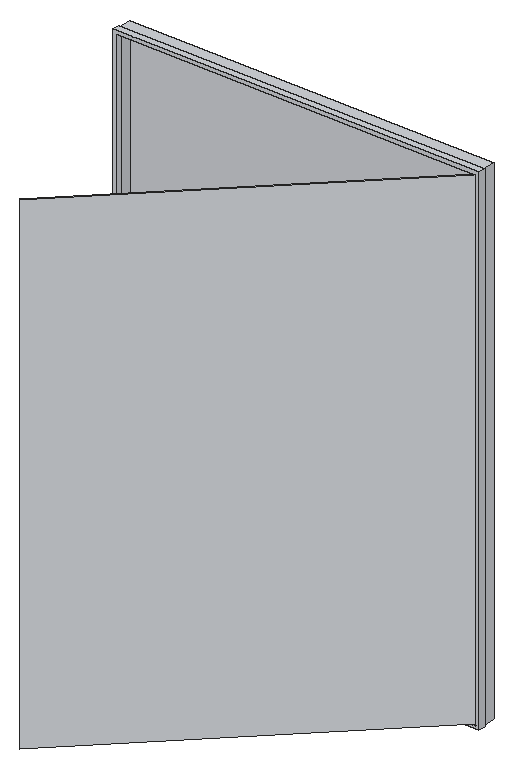
Revit family "Hager-Pablo-IP40-Plain_Door-vuoto-NoHosted-IT-it", category Electrical Equipment, Revit 2020
Family settings
  Panel Configuration = Two Columns, Circuits Across
  Round Connector Dimension = Use Diameter
  Part Type = Panelboard
  Work Plane-Based = Yes
  Always vertical = Yes
  Cut with Voids When Loaded = No
  Shared = No
  Room Calculation Point = No
Parameters (values of type "Incassato IP40 L460 A725 P25 18 Unità di divisione - B04949")
  Width Control [instance] = if([HG000006 - Ad incasso], if([EF000846 - larghezza di montaggio] > min_whd, [EF000846 - larghezza di montaggio], min_whd), if([EF000008 - Larghezza] > min_whd, ([EF000008 - Larghezza]), min_whd))  # 460 mm
  Void Depth [instance] = if([EF000218 - profondità di incasso] > 1 mm, [EF000218 - profondità di incasso], 1 mm)  # 16 mm
  Type Comments = [HG000003 - Gamma]  # "Pablo"
  System Height [instance] = Height Control - 2 * [HG000005 - Spessore]  # 624 mm
  Panel Name [instance] = ""  # (empty or 0)
  Offset [instance] = 0 mm
  Model = [HG000004 - Codice produttore]  # "B04949"
  Level Offset [instance] = [Flush Mounted - Door Frame Width] + Offset  # 95 mm
  HG000017 - Distanza tra i poli = 18 mm
  HG000016 - Visibilità delle porte nella vista 3D [instance] = yes
  HG000015 - Visibilità attraverso la porta [instance] = no
  HG000014 - Porta destra [instance] = yes
  HG000013 - Porta sinistra [instance] = not([HG000014 - Porta destra])  # no
  HG000012 - Angolo di apertura della porta [instance] = 45.00°
  HG000011 - File vuote nella parte basse = no
  HG000010 - Porte asimmetriche = no
  HG000009 - Porta doppia a battente = no
  HG000008 - Numero di file vuote = 0
  HG000007 - Numero di colonne vuote = 0
  HG000006 - Ad incasso = yes
  HG000005 - Spessore = 3 mm  # constant formula
  HG000004 - Codice produttore = "B04949"
  HG000003 - Gamma = "Pablo"
  HG000002 - Con porta = yes
  HG000001 - Numero di colonne = 0
  EF015941 - Segnale di passaggio porta = no
  EF015777 - Morsettiera neutra = no
  EF015776 - Morsettiera di terra = no
  EF009212 - esecuzione coperchio = "EV000116 - chiuso"
  EF006306 - con serratura = no
  EF006244 - coperchio/porta trasparente = no
  EF005474 - grado di protezione (IP) = "EV006415 - IP40"
  EF004462 - tipo di chiusura = "EV001412 - cilindro"
  EF002950 - Numero moduli DIN = 18
  EF001596 - Attacco Lampada = "EV000139 - plastica"
  EF001134 - barra DIN = yes
  EF001131 - profondità interna = 16 mm
  EF001088 - possibilità di applicazione = yes
  EF001062 - esecuzione EMC = no
  EF000846 - larghezza di montaggio = 460 mm
  EF000339 - tipo di copertura = "EV004216 - porta"
  EF000332 - Altezza della parte incassata = 630 mm
  EF000266 - numero di file = 4
  EF000218 - profondità di incasso = 16 mm
  EF000118 - con piastra di montaggio = no
  EF000116 - numero RAL = "9016"
  EF000049 - profondità = 25 mm
  EF000040 - Altezza = 725 mm
  EF000008 - Larghezza = 460 mm
  EF000007 - colore = "EV000202 - bianco"
  EF000003 - Tipo di montaggio = "EV001247 - apparente/incassato"
  Description = ""
  Default Elevation = 1219.2 mm
  Arrow Offset [instance] = Depth Control / 8  # 2 mm
  Arrow Height [instance] = Depth Control - Arrow Offset  # 14 mm
  Host Offset [instance] = if([HG000006 - Ad incasso], 0 mm, [EF000049 - profondità])  # 0 mm
  min_whd [instance] = (2 * [HG000005 - Spessore]) + 1 mm  # 7 mm
  Manufacturer = "Hager"  # constant formula
  Height Control [instance] = if([HG000006 - Ad incasso], if([EF000332 - Altezza della parte incassata] > min_whd, [EF000332 - Altezza della parte incassata], min_whd), if([EF000040 - Altezza] > min_whd, ([EF000040 - Altezza]), min_whd))  # 630 mm
  Flush Mounted - Door Frame Width [instance] = if(([EF000040 - Altezza] - [EF000332 - Altezza della parte incassata]) > 0 mm, if([HG000006 - Ad incasso], [EF000040 - Altezza] - [EF000332 - Altezza della parte incassata], 0 mm), 0 mm)  # 95 mm
  Depth Control [instance] = if([HG000006 - Ad incasso], if([EF000218 - profondità di incasso] > 0 mm, [EF000218 - profondità di incasso], 1 mm), if([EF000049 - profondità] > 0 mm, ([EF000049 - profondità]), 1 mm))  # 16 mm
Types (18, lengths in mm): name | Width Control | System Height | Model | Level Offset | HG000006 - Ad incasso | HG000004 - Codice produttore | EF002950 - Numero moduli DIN | EF000846 - larghezza di montaggio | EF000332 - Altezza della parte incassata | EF000266 - numero di file | EF000040 - Altezza | EF000008 - Larghezza | Arrow Offset | Arrow Height | Host Offset | Height Control | Flush Mounted - Door Frame Width | Depth Control
  A parete IP40 L175 A191 P25 4 Unità di divisione - B04941 | 175 | 185 | "B04941" | 0 | no | "B04941" | 4 | 175 | 160 | 1 | 191 | 175 | 3.125 | 21.875 | 25 | 191 | 0 | 25
  A parete IP40 L211 A191 P25 6 Unità di divisione - B04942 | 211 | 185 | "B04942" | 0 | no | "B04942" | 6 | 211 | 160 | 1 | 191 | 211 | 3.125 | 21.875 | 25 | 191 | 0 | 25
  A parete IP40 L280 A235 P25 8 Unità di divisione - B04943 | 280 | 229 | "B04943" | 0 | no | "B04943" | 8 | 280 | 160 | 1 | 235 | 280 | 3.125 | 21.875 | 25 | 235 | 0 | 25
  A parete IP40 L352 A275 P25 12 Unità di divisione - B04944 | 352 | 269 | "B04944" | 0 | no | "B04944" | 12 | 352 | 160 | 1 | 275 | 352 | 3.125 | 21.875 | 25 | 275 | 0 | 25
  A parete IP40 L352 A425 P25 12 Unità di divisione - B04946 | 352 | 419 | "B04946" | 0 | no | "B04946" | 12 | 352 | 405 | 2 | 425 | 352 | 3.125 | 21.875 | 25 | 425 | 0 | 25
  A parete IP40 L352 A575 P25 12 Unità di divisione - B04947 | 352 | 569 | "B04947" | 0 | no | "B04947" | 12 | 352 | 405 | 3 | 575 | 352 | 3.125 | 21.875 | 25 | 575 | 0 | 25
  A parete IP40 L460 A275 P25 18 Unità di divisione - B04945 | 460 | 269 | "B04945" | 0 | no | "B04945" | 18 | 460 | 160 | 1 | 275 | 460 | 3.125 | 21.875 | 25 | 275 | 0 | 25
  A parete IP40 L460 A575 P25 18 Unità di divisione - B04948 | 460 | 569 | "B04948" | 0 | no | "B04948" | 18 | 460 | 405 | 3 | 575 | 460 | 3.125 | 21.875 | 25 | 575 | 0 | 25
  A parete IP40 L460 A725 P25 18 Unità di divisione - B04949 | 460 | 719 | "B04949" | 0 | no | "B04949" | 18 | 460 | 630 | 4 | 725 | 460 | 3.125 | 21.875 | 25 | 725 | 0 | 25
  Incassato IP40 L175 A191 P25 4 Unità di divisione - B04941 | 175 | 154 | "B04941" | 31 | yes | "B04941" | 4 | 175 | 160 | 1 | 191 | 175 | 2 | 14 | 0 | 160 | 31 | 16
  Incassato IP40 L211 A191 P25 6 Unità di divisione - B04942 | 211 | 154 | "B04942" | 31 | yes | "B04942" | 6 | 211 | 160 | 1 | 191 | 211 | 2 | 14 | 0 | 160 | 31 | 16
  Incassato IP40 L280 A235 P25 8 Unità di divisione - B04943 | 280 | 154 | "B04943" | 75 | yes | "B04943" | 8 | 280 | 160 | 1 | 235 | 280 | 2 | 14 | 0 | 160 | 75 | 16
  Incassato IP40 L352 A275 P25 12 Unità di divisione - B04944 | 352 | 154 | "B04944" | 115 | yes | "B04944" | 12 | 352 | 160 | 1 | 275 | 352 | 2 | 14 | 0 | 160 | 115 | 16
  Incassato IP40 L352 A425 P25 12 Unità di divisione - B04946 | 352 | 399 | "B04946" | 20 | yes | "B04946" | 12 | 352 | 405 | 2 | 425 | 352 | 2 | 14 | 0 | 405 | 20 | 16
  Incassato IP40 L352 A575 P25 12 Unità di divisione - B04947 | 352 | 399 | "B04947" | 170 | yes | "B04947" | 12 | 352 | 405 | 3 | 575 | 352 | 2 | 14 | 0 | 405 | 170 | 16
  Incassato IP40 L460 A275 P25 18 Unità di divisione - B04945 | 460 | 154 | "B04945" | 115 | yes | "B04945" | 18 | 460 | 160 | 1 | 275 | 460 | 2 | 14 | 0 | 160 | 115 | 16
  Incassato IP40 L460 A575 P25 18 Unità di divisione - B04948 | 460 | 399 | "B04948" | 170 | yes | "B04948" | 18 | 460 | 405 | 3 | 575 | 460 | 2 | 14 | 0 | 405 | 170 | 16
  Incassato IP40 L460 A725 P25 18 Unità di divisione - B04949 | 460 | 624 | "B04949" | 95 | yes | "B04949" | 18 | 460 | 630 | 4 | 725 | 460 | 2 | 14 | 0 | 630 | 95 | 16
Reference planes
  plane 1 "Center (Front/Back)": y = 0
  plane 2: z = 0
  plane 3 "Center (Left/Right)": x = 0
  plane 4: y = 98
  plane 5: y = 16
  plane 6: y = 95
  plane 7: z = 0
  plane 8: x = -230
  plane 9: x = 230
  plane 10: x = 227
  plane 11: x = -227
  plane 12: z = 95
  plane 13: z = 98
  plane 14: y = 5
  plane 15: y = 0
  plane 16: y = 13
  plane 17: z = 722
  plane 18: z = 725
  plane 19: z = 410
  plane 20: x = 0
  plane 21: y = -100
Forms (mm)
  Extrusion 1, solid
    sketch origin (-208.679, -4572, 95) x (-1, 0, 0) y (0, -1, 0)
      loop
        line (21.321, -4572) -> (-438.679, -4572) -> (-438.679, -4588) -> (21.321, -4588) -> (21.321, -4572)
    from 0 to 630 <- "Height Control"
  Extrusion 2, void
    sketch origin (-350.771, 0, 1219.2) x (1, 0, 0) y (0, 0, 1)
      loop
        line (123.771, -497.2) -> (123.771, -1121.2) -> (577.771, -1121.2) -> (577.771, -497.2) -> (123.771, -497.2)
    from 0 to -13
  Extrusion 3, solid, detail levels coarse+medium
    sketch origin (-350.771, 0, 1219.2) x (-1, 0, 0) y (0, 0, 1)
      loop
        line (-123.771, -497.2) -> (-577.771, -497.2) -> (-577.771, -1121.2) -> (-123.771, -1121.2) -> (-123.771, -497.2)
    from 0 to 3 <- "HG000005 - Spessore"
Cuts and joins
  Extrusion 2 cuts Extrusion 1
Dimensions and locks
  "Flush Mounted - Door Frame Width": plane 1 "Center (Front/Back)" to plane 6
  "HG000005 - Spessore": plane 4 to plane 6
  "HG000005 - Spessore": plane 8 to plane 11
  "HG000005 - Spessore": plane 9 to plane 10
  equal spacing: plane 8, plane 3 "Center (Left/Right)", plane 9
  "Width Control": plane 8 to plane 9
  locked: plane 14 to plane 15 at 5
  "Host Offset": plane 1 "Center (Front/Back)" to plane 15
  "Depth Control": plane 5 to plane 15
  "HG000005 - Spessore": plane 5 to plane 16
  "HG000005 - Spessore": plane 13 to plane 12
  "Level Offset": plane 12 to level
  "HG000005 - Spessore": plane 18 to plane 17
  "Height Control": plane 18 to plane 12
  "Arrow Offset": plane 5 to nested 4
  equal spacing: plane 18, plane 19, plane 12
  locked: connector elem to plane 19
  locked: connector elem to plane 3 "Center (Left/Right)"
  aligned and locked: nested 1 to plane 14
  aligned and locked: plane 3 "Center (Left/Right)" to nested 1
  aligned and locked: plane 3 "Center (Left/Right)" to nested 2
  aligned and locked: nested 2 to plane 15
  aligned and locked: plane 5 to Extrusion 1
  aligned and locked: Extrusion 3 sketch curve to plane 17
  aligned and locked: Extrusion 3 sketch curve to plane 11
  aligned and locked: Extrusion 3 sketch curve to plane 13
  aligned and locked: Extrusion 3 sketch curve to plane 10
  aligned and locked: Extrusion 2 sketch curve to plane 13
  aligned and locked: Extrusion 2 sketch curve to plane 10
  aligned and locked: Extrusion 2 sketch curve to plane 17
  aligned and locked: Extrusion 2 sketch curve to plane 11
  aligned and locked: plane 16 to Extrusion 2
  aligned and locked: plane 5 to Extrusion 1 sketch curve
  aligned and locked: plane 9 to Extrusion 1 sketch curve
  aligned and locked: plane 8 to Extrusion 1 sketch curve
  aligned and locked: plane 8 to nested 4
  aligned and locked: plane 8 to nested 3
  aligned and locked: nested 3 to plane 5
  aligned and locked: Extrusion 1 sketch curve to plane 15
  aligned and locked: Extrusion 2 to plane 15
Nested families
  nested 1: "Hager_Enclosure_System" at (0, 5, 98), Flush_Mounted <- "HG000006 - Ad incasso", Width <- "EF000008 - Larghezza", Height <- "System Height", Width_Control <- "Width Control", Row_Module_Multiplicator <- "EF002950 - Numero moduli DIN", Empty_Columns <- "HG000007 - Numero di colonne vuote", Built-in_Width <- "EF000846 - larghezza di montaggio", Border <- "HG000005 - Spessore", Total_No_Empty_Rows <- "HG000008 - Numero di file vuote", Depth <- "HG000005 - Spessore", Empty_Rows_From_Bottom <- "HG000011 - File vuote nella parte basse", Distance_Between_Poles <- "HG000017 - Distanza tra i poli", Rows_Count <- "EF000266 - numero di file", Columns_Count <- "HG000001 - Numero di colonne", type "Hager_Enclosure_System", detail levels medium+fine
    with Width_Control 460 mm, Width 460 mm, Total_No_Rows 4, Total_No_Empty_Rows 0, Total_No_Columns 1, System_Width 454 mm, Rows_Count 4, Rows_Column 4, Row_Module_Multiplicator 18, Panel_4 no, Panel_3 no, Panel_2 no, Panel_1 no, No_Panels_Ctrl 1, Hide_Columns yes, Height 624 mm, Flush_Mounted yes, Empty_Rows_From_Bottom no, Empty_Rows_Column 0, Empty_Columns 0, Distance_Between_Poles 18 mm, Depth 3 mm, Columns_Count 0, Column_Width 454 mm, Built-in_Width 460 mm, Border 3 mm
  nested 2: "Hager_Enclosure_Door" at (0, 0, 95), Double <- "HG000009 - Porta doppia a battente", Height_Ctrl <- "Height Control", Transparent <- "EF006244 - coperchio/porta trasparente", Depth <- "EF000049 - profondità", Height <- "EF000040 - Altezza", Angle <- "HG000012 - Angolo di apertura della porta", Door_Right <- "HG000014 - Porta destra", Assymetrical <- "HG000010 - Porte asimmetriche", Flush_Mounted <- "HG000006 - Ad incasso", BuiltIn_Depth <- "EF000218 - profondità di incasso", BuiltIn_Width <- "EF000846 - larghezza di montaggio", Door <- "HG000002 - Con porta", Width_Ctrl <- "Width Control", 3d_Door <- "HG000016 - Visibilità delle porte nella vista 3D", Width <- "EF000008 - Larghezza", Border <- "HG000005 - Spessore", BuiltIn_Height <- "EF000332 - Altezza della parte incassata", Clearance <- "HG000015 - Visibilità attraverso la porta", Door_Left <- "HG000013 - Porta sinistra", type "Hager_Enclosure_Door", detail levels medium+fine
    with min_wh 7 mm, Width_Ctrl 460 mm, Width 460 mm, Transparent_Door_No_Bottom_Border no, Transparent no, Leaf_Width 451 mm, Leaf_Tolerance 1.5 mm, Leaf_Height 621 mm, Leaf_2_Width 451 mm, Leaf_2_Offset 225.5 mm, Leaf_1_Width 451 mm, Leaf_1_Offset 225.5 mm, Height_Ctrl 630 mm, Height 725 mm, Frame_Width_Ctrl 1 mm, Frame_Width 0 mm, Frame_Internal_Offset 3 mm, Frame_Height_Ctrl 95 mm, Frame_Height 95 mm, Frame_Depth_Ctrl 9 mm, Frame_Depth 9 mm, Flush_Mounted yes, Double_Clearance_Ctrl no, Double no, Door_Right_Ctrl yes, Door_Right yes, Door_Left_Ctrl no, Door_Left no, Door yes, Depth 25 mm, Clearance_Depth 451 mm, Clearance_Ctrl no, Clearance no, BuiltIn_Width 460 mm, BuiltIn_Height 630 mm, BuiltIn_Depth 16 mm, Border 3 mm, Assymetrical no, Angle 45.00°, 3d_Door yes
  nested 3: "Hager_Enclosure_Symbol_Triangle" at (-230, 16, 0), Depth <- "Depth Control", Width <- "Width Control", type "Hager_Enclosure_Symbol_Triangle"
    with Width_Ctrl 460 mm, Width 460 mm, Depth_Ctrl 16 mm, Depth 16 mm
  nested 4: "Hager_Enclosure_Symbol_Arrow" at (-230, 14, 0), Height <- "Arrow Height", type "Hager_Enclosure_Symbol_Arrow"
    with Width_Inside 2 mm, Width 12.6 mm, Height_Ctrl 14 mm, Height 14 mm
Connectors
  electrical at (0, 16, 410)
    settings: on plane 5, index 1, voltage 0 V, apparent load 0 VA, apparent load phase1 0 VA, apparent load phase2 0 VA, apparent load phase3 0 VA, power factor 1, load classification "Other", number of poles 1, system type 30, power factor state 1, is connector primary yes, connector utility no, sub classification motor no, connector description ""
Definition of nested family "Hager_Enclosure_Door"
  Parameters (values of type "Hager_Enclosure_Door")
    min_wh [instance] = (2 * Border) + 1 mm  # 11 mm
    Width_Ctrl [instance] = 400 mm
    Width [instance] = 500 mm
    Transparent_Door_No_Bottom_Border [instance] = no
    Transparent [instance] = yes
    Leaf_Width [instance] = if((Width_Ctrl - 2 * Border - 2 * Leaf_Tolerance) > 0 mm, (Width_Ctrl - 2 * Border - 2 * Leaf_Tolerance), min_wh)  # 387 mm
    Leaf_Tolerance [instance] = 1.5 mm  # constant formula
    Leaf_Height [instance] = if((Height_Ctrl - 2 * Border - 2 * Leaf_Tolerance) > 0 mm, (Height_Ctrl - 2 * Border - 2 * Leaf_Tolerance), min_wh)  # 387 mm
    Leaf_2_Width [instance] = if(and(and(Double, Assymetrical), Door_Left), (Leaf_Width / 3) - (Leaf_Tolerance / 2), if(and(and(Double, Assymetrical), Door_Right), (Leaf_Width / 3) * 2 - (Leaf_Tolerance / 2), if(and(Double, not(Assymetrical)), (Leaf_Width / 2) - Leaf_Tolerance, Leaf_Width)))  # 387 mm
    Leaf_2_Offset [instance] = if(and(Double, Assymetrical), Leaf_2_Width / 2, if(and(Double, not(Assymetrical)), Leaf_Width / 4, Leaf_Width / 2))  # 193.5 mm
    Leaf_1_Width [instance] = if(and(and(Double, Assymetrical), Door_Right), (Leaf_Width / 3) - (Leaf_Tolerance / 2), if(and(and(Double, Assymetrical), Door_Left), (Width / 3) * 2 - (Leaf_Tolerance / 2), if(and(Double, not(Assymetrical)), (Leaf_Width / 2) - Leaf_Tolerance, Leaf_Width)))  # 387 mm
    Leaf_1_Offset [instance] = if(and(Double, Assymetrical), Leaf_1_Width / 2, if(and(Double, not(Assymetrical)), Leaf_Width / 4, Leaf_Width / 2))  # 193.5 mm
    Height_Ctrl [instance] = 400 mm
    Height [instance] = 500 mm
    Frame_Width_Ctrl [instance] = if(Frame_Width > 0 mm, Frame_Width, 1 mm)  # 1 mm
    Frame_Width [instance] = Width - BuiltIn_Width  # 0 mm
    Frame_Internal_Offset [instance] = if(Flush_Mounted, Border, 0 mm)  # 5 mm
    Frame_Height_Ctrl [instance] = if(Frame_Height > 0 mm, Frame_Height, 1 mm)  # 1 mm
    Frame_Height [instance] = Height - BuiltIn_Height  # 0 mm
    Frame_Depth_Ctrl [instance] = if(Frame_Depth > 0 mm, Frame_Depth, 1 mm)  # 1 mm
    Frame_Depth [instance] = if(Depth - BuiltIn_Depth > 0 mm, if(Flush_Mounted, Depth - BuiltIn_Depth, 0 mm), 0 mm)  # 0 mm
    Flush_Mounted [instance] = yes
    Double_Clearance_Ctrl [instance] = and(Double, Clearance)  # no
    Double [instance] = no
    Door_Right_Ctrl [instance] = and(or(Door_Right, Double), Door)  # yes
    Door_Right [instance] = yes
    Door_Left_Ctrl [instance] = and(or(Door_Left, Double), Door)  # no
    Door_Left [instance] = no
    Door [instance] = yes
    Depth [instance] = 500 mm
    Default Elevation = 1219.2 mm
    Clearance_Material = none
    Clearance_Depth [instance] = if(Leaf_1_Width > Leaf_2_Width, Leaf_1_Width, Leaf_2_Width)  # 387 mm
    Clearance_Ctrl [instance] = and(not(Double), Clearance)  # yes
    Clearance [instance] = yes
    BuiltIn_Width [instance] = 500 mm
    BuiltIn_Height [instance] = 500 mm
    BuiltIn_Depth [instance] = 500 mm
    Border [instance] = 5 mm
    Assymetrical [instance] = yes
    Angle [instance] = 30.00°
    3d_Door [instance] = yes
  Reference planes
    plane 1 "Center (Front/Back)": y = 0
    plane 2 "Bottom": z = 0
    plane 3 "Center (Left/Right)": x = 0
    plane 4: z = 400
    plane 5: x = -200
    plane 6: x = 200
    plane 7: z = 395
    plane 8: x = -195
    plane 9: z = 5
    plane 10: x = 195
    plane 11: y = 0
    plane 12: z = 6.5
    plane 13: x = -582
    plane 14: y = -387
    plane 15: x = 582
    plane 16: x = 0
    plane 17: x = 0
    plane 18: x = -193.5
    plane 19: x = 193.5
    plane 20: z = 393.5
  Forms (mm)
    Extrusion 1, solid, visible <- "Flush_Mounted"
      sketch origin (0, 0, 0) x (1, 0, 0) y (0, 0, 1)
        loop
          line (195, 5) -> (195, 395) -> (-195, 395) -> (-195, 5) -> (195, 5)
        loop
          line (-201, 401) -> (-201, -1) -> (201, -1) -> (201, 401) -> (-201, 401)
      from 0 to 1 <- "Frame_Depth_Ctrl"
    Extrusion 2, solid, material <- "Clearance_Material", visible <- "Double_Clearance_Ctrl"
      sketch origin (1200, 0, 0) x (1, 0, 0) y (0, 0, -1)
        loop
          line (-1782, -393.5) -> (-618, -393.5) -> (-618, 0) -> (-1782, 0) -> (-1782, -393.5)
      from 0 to -387
  Dimensions and locks
    equal spacing: plane 5, plane 3 "Center (Left/Right)", plane 6
    "Width_Ctrl": plane 5 to plane 6
    "Border": plane 5 to plane 8
    "Border": plane 6 to plane 10
    "Border": plane 9 to level
    "Border": plane 4 to plane 7
    "Height_Ctrl": plane 4 to level
    "Leaf_Tolerance": plane 12 to plane 9
    "Frame_Depth": plane 11 to plane 1 "Center (Front/Back)"
    "Frame_Width_Ctrl": plane 5 to Extrusion 1 sketch curve
    "Frame_Width_Ctrl": plane 6 to Extrusion 1 sketch curve
    "Frame_Width_Ctrl": Extrusion 1 sketch curve to plane 4
    "Frame_Width_Ctrl": plane 2 "Bottom" to Extrusion 1 sketch curve
    "Leaf_1_Offset": plane 18 to plane 16
    "Leaf_2_Offset": plane 17 to plane 19
    "Leaf_1_Width": plane 13 to plane 8
    "Leaf_2_Width": plane 10 to plane 15
    "Clearance_Depth": plane 14 to plane 1 "Center (Front/Back)"
    "Leaf_Tolerance": plane 8 to plane 18
    "Leaf_Tolerance": plane 19 to plane 10
    "Leaf_Tolerance": plane 7 to plane 20
    "Frame_Internal_Offset": plane 5 to Extrusion 1 sketch curve
    "Frame_Internal_Offset": Extrusion 1 sketch curve to plane 2 "Bottom"
    "Frame_Internal_Offset": plane 6 to Extrusion 1 sketch curve
    "Frame_Internal_Offset": plane 4 to Extrusion 1 sketch curve
    aligned and locked: level to plane 2 "Bottom"
    aligned and locked: nested 1 to plane 16
    aligned and locked: nested 2 to plane 17
    aligned and locked: Extrusion 2 to plane 13
    aligned and locked: plane 15 to Extrusion 2
    aligned and locked: Extrusion 2 to plane 14
    aligned and locked: plane 12 to nested 1
    aligned and locked: nested 2 to plane 12
    aligned and locked: Extrusion 2 to plane 11
    aligned and locked: plane 20 to Extrusion 2
    aligned and locked: nested 2 to plane 11
    aligned and locked: nested 1 to plane 11
  Automatic sketch dimensions
    Extrusion 2 sketch curve to level = 0 mm
    plane 5 to Extrusion 2 sketch curve = 382 mm
    plane 6 to Extrusion 2 sketch curve = 382 mm
    Extrusion 2 sketch curve to plane 4 = 6.5 mm
  Nested families
    nested 1: "Hager_Enclosure_Door_Leaf" at (0, 0, 6.5), Width <- "Leaf_1_Width", visible <- "Door_Left_Ctrl", Leaf_Height <- "Leaf_Height", Angle <- "Angle", Depth <- "Border", 3d_Door <- "3d_Door", Transparent <- "Transparent", Clearance Material <- "Clearance_Material", Clearance <- "Clearance_Ctrl", Transparent_Door_No_Bottom_Border <- "Transparent_Door_No_Bottom_Border", type "Hager_Enclosure_Door_Leaf"
      with Width 387 mm, Transparent_Door_No_Bottom_Border no, Transparent_Door_Border_Bottom_Top 25 mm, Transparent_Door_Border 25 mm, Transparent_Ctrl yes, Transparent yes, Standard no, Leaf_Height 387 mm, Glass_Offset 1 mm, Depth 5 mm, Clearance Material none, Clearance yes, Angle_Ctrl 30.00°, Angle 30.00°, 3d_Door yes
    nested 2: "Hager_Enclosure_Door_Leaf" at (0, 0, 6.5) x (-1, 0, 0) z (0, 0, 1), Width <- "Leaf_2_Width", visible <- "Door_Right_Ctrl", Leaf_Height <- "Leaf_Height", Angle <- "Angle", Depth <- "Border", 3d_Door <- "3d_Door", Transparent <- "Transparent", Clearance Material <- "Clearance_Material", Clearance <- "Clearance_Ctrl", Transparent_Door_No_Bottom_Border <- "Transparent_Door_No_Bottom_Border", type "Hager_Enclosure_Door_Leaf"
      with Width 387 mm, Transparent_Door_No_Bottom_Border no, Transparent_Door_Border_Bottom_Top 25 mm, Transparent_Door_Border 25 mm, Transparent_Ctrl yes, Transparent yes, Standard no, Leaf_Height 387 mm, Glass_Offset 1 mm, Depth 5 mm, Clearance Material none, Clearance yes, Angle_Ctrl 30.00°, Angle 30.00°, 3d_Door yes
  Definition of nested family "Hager_Enclosure_Door_Leaf"
    Parameters (values of type "Hager_Enclosure_Door_Leaf")
      Width [instance] = 2000 mm
      Transparent_Door_No_Bottom_Border [instance] = yes
      Transparent_Door_Border_Bottom_Top [instance] = if(Transparent_Door_No_Bottom_Border, 0.1 mm, Transparent_Door_Border)  # 0.1 mm
      Transparent_Door_Border [instance] = if(Transparent_Door_No_Bottom_Border, (Width * 0.12), 25 mm)  # 240 mm
      Transparent_Ctrl [instance] = and(Transparent, [3d_Door])  # yes
      Transparent [instance] = yes
      Standard [instance] = and(not(Transparent), [3d_Door])  # no
      Leaf_Height [instance] = 2720.336 mm
      Glass_Offset [instance] = if((Depth - 10 mm) / 2 > 0 mm, (Depth - 10 mm) / 2, 1 mm)  # 15 mm
      Glass_Material = none
      Depth [instance] = 40 mm
      Default Elevation = 0 mm
      Clearance Material [instance] = none
      Clearance [instance] = yes
      Angle_Ctrl [instance] = if(Angle > 170.00°, 170.00°, Angle)  # 45.00°
      Angle [instance] = 45.00°
      3d_Door [instance] = yes
    Reference planes
      plane 1 "Center (Front/Back)": y = 0
      plane 2: z = 0
      plane 3 "Center (Left/Right)": x = 0
      plane 4: y = 2000
      plane 5: x = -1000
      plane 6: x = 1000
      plane 7: x = -3000
      plane 8: z = 2720.336
      plane 9: z = 0.1
      plane 10: z = 2720.236
      plane 11: x = 760
      plane 12: x = -760
    Forms (mm)
      Extrusion 1, solid, material <- "Clearance Material", visible <- "Clearance"
        sketch origin (0, 0, 0) x (1, 0, 0) y (0, 0, 1)
          loop
            line (-3000, 2720.336) -> (-3000, 0) -> (1000, 0) -> (1000, 2720.336) -> (-3000, 2720.336)
        from 0 to -2000
      Extrusion 2, solid, visible <- "Standard", detail levels medium+fine
        sketch origin (-1000, 0, 0) x (0.707107, 0.707107, 0) y (-0.707107, 0.707107, 0)
          loop
            line (0, -40) -> (2000, -40) -> (2000, 0) -> (0, 0) -> (0, -40)
        from 0 to 2720.336 <- "Leaf_Height"
      Extrusion 3, solid, visible <- "Transparent_Ctrl", detail levels medium+fine
        sketch origin (-1000, 0, 0) x (0.707107, 0.707107, 0) y (-0.707107, 0.707107, 0)
          loop
            line (0, -40) -> (2000, -40) -> (2000, 0) -> (0, 0) -> (0, -40)
        from 0 to 2720.336 <- "Leaf_Height"
      Extrusion 4, void, detail levels medium+fine
        sketch origin (-1000, 0, 0) x (-0.707107, 0.707107, 0) y (0.707107, 0.707107, 0)
          loop
            line (0, 240) -> (0, 1760) -> (-40, 1760) -> (-40, 240) -> (0, 240)
        from -2720.236 to -0.1
      Extrusion 5, solid, material <- "Glass_Material", visible <- "Transparent_Ctrl", detail levels medium+fine
        sketch origin (-1000, 0, 0) x (0.707107, 0.707107, 0) y (-0.707107, 0.707107, 0)
          loop
            line (240, -15) -> (240, -25) -> (1760, -25) -> (1760, -15) -> (240, -15)
        from 0.1 to 2720.236
    Cuts and joins
      Extrusion 4 cuts Extrusion 3
    Lines and regions (mm)
      symbolic lines
        curve 1: line (1000, 0, 0) -> (-3000, 0, 0)
        curve 2: arc (1000, 0, 0) -> (-1000, 2000, 0) -> (-3000, 0, 0) r 2000
        curve 4: line (-1000, 0, 0) -> (414.214, 1414.214, 0)
      reference lines
        curve 3: line (-1000, 0, 0) -> (414.214, 1414.214, 0)
      symbolic lines, detail levels medium+fine
        curve 5: line (414.214, 1414.214, 0) -> (442.498, 1385.929, 0)
        curve 6: line (442.498, 1385.929, 0) -> (-971.716, -28.284, 0)
        curve 7: line (-971.716, -28.284, 0) -> (-1000, 0, 0)
        curve 8: line (-1000, 0, 2720.336) -> (1000, 0, 2720.336)
        curve 9: line (-1000, 0, 0) -> (-1000, 0, 2720.336)
        curve 10: line (1000, 0, 0) -> (-1000, 0, 0)
        curve 11: line (1000, 0, 2720.336) -> (1000, 0, 0)
      symbolic lines, visible <- "Transparent_Ctrl", detail levels medium+fine
        curve 12: line (-760, 0, 2720.236) -> (760, 0, 2720.236)
        curve 13: line (-760, 0, 0.1) -> (-760, 0, 2720.236)
        curve 14: line (760, 0, 0.1) -> (-760, 0, 0.1)
        curve 15: line (760, 0, 2720.236) -> (760, 0, 0.1)
    Dimensions and locks
      "Width": plane 1 "Center (Front/Back)" to plane 4
      equal spacing: plane 5, plane 3 "Center (Left/Right)", plane 6
      "Width": plane 5 to plane 6
      "Width": plane 7 to plane 5
      "Leaf_Height": plane 8 to level
      "Depth": curve 6 to curve 3
      "Width": curve 5 to curve 3
      "Width": curve 3 to curve 3
      "Transparent_Door_Border": Extrusion 4 sketch curve to curve 7
      "Transparent_Door_Border": Extrusion 4 sketch curve to curve 5
      "Transparent_Door_Border_Bottom_Top": plane 8 to plane 10
      "Transparent_Door_Border_Bottom_Top": plane 9 to level
      "Glass_Offset": Extrusion 5 sketch curve to curve 4
      "Glass_Offset": Extrusion 5 sketch curve to curve 6
      "Transparent_Door_Border": Extrusion 5 sketch curve to curve 5
      "Transparent_Door_Border": Extrusion 5 sketch curve to curve 7
      "Transparent_Door_Border": plane 12 to plane 5
      "Transparent_Door_Border": plane 6 to plane 11
      "Angle_Ctrl": angle plane 1 "Center (Front/Back)" to curve 3
      aligned and locked: level to plane 2
      aligned and locked: Extrusion 1 to curve 1
      aligned and locked: plane 6 to Extrusion 1
      aligned and locked: Extrusion 1 to plane 1 "Center (Front/Back)"
      aligned and locked: plane 4 to Extrusion 1
      aligned and locked: plane 8 to Extrusion 1
      aligned and locked: curve 4 to curve 3
      aligned and locked: Extrusion 2 sketch curve to curve 7
      aligned and locked: Extrusion 2 sketch curve to curve 6
      aligned and locked: Extrusion 2 sketch curve to curve 5
      aligned and locked: Extrusion 2 sketch curve to curve 3
      aligned and locked: curve 7 to Extrusion 3 sketch curve
      aligned and locked: Extrusion 3 sketch curve to curve 4
      aligned and locked: Extrusion 3 sketch curve to curve 6
      aligned and locked: Extrusion 3 sketch curve to curve 5
      aligned and locked: curve 4 to Extrusion 4 sketch curve
      aligned and locked: curve 6 to Extrusion 4 sketch curve
      aligned and locked: Extrusion 4 to plane 9
      aligned and locked: Extrusion 4 to plane 10
      aligned and locked: Extrusion 5 to plane 9
      aligned and locked: Extrusion 5 to plane 10
      aligned and locked: curve 8 to plane 8
      aligned and locked: plane 5 to curve 9
      aligned and locked: plane 2 to curve 10
      aligned and locked: curve 11 to plane 6
      aligned and locked: plane 10 to curve 12
      aligned and locked: plane 12 to curve 13
      aligned and locked: curve 14 to plane 9
      aligned and locked: plane 11 to curve 15
    Automatic sketch dimensions
      plane 1 "Center (Front/Back)" to curve 2 = 0 mm
      curve 2 to plane 5 = 0 mm
      Extrusion 1 sketch curve to level = 0 mm
      Extrusion 1 sketch curve to plane 7 = 0 mm
      Extrusion 1 sketch curve to plane 6 = 0 mm
      Extrusion 1 sketch curve to plane 8 = 0 mm
      plane 1 "Center (Front/Back)" to curve 3 = 0 mm
      curve 3 to plane 5 = 0 mm
      curve 7 to curve 3 = 0 mm
Definition of nested family "Hager_Enclosure_Symbol_Triangle"
  Parameters (values of type "Hager_Enclosure_Symbol_Triangle")
    Width_Ctrl [instance] = if(Width > 1 mm, Width, 1 mm)  # 498 mm
    Width [instance] = 498 mm
    Depth_Ctrl [instance] = if(Depth > 1 mm, Depth, 1 mm)  # 72 mm
    Depth [instance] = 72 mm
  Reference planes
    plane 1 "Centre (avant/arrière)": y = 0
    plane 2: z = 0
    plane 3 "Centre (gauche/droite)": x = 0
  Lines and regions (mm)
    Filled region 1, type "Solid_Black", in view "Niveau de réf."
      outline origin (0, 0, 0) x (1, 0, 0) y (0, 1, 0)
        loop
          line (0, 0) -> (498, 0) -> (498, 72) -> (0, 0)
    reference lines, in view "Niveau de réf."
      curve 1: line (-206.153, 72, 0) -> (1083.258, 72, 0)
      curve 2: line (498, 405.456, 0) -> (498, -517.619, 0)
  Dimensions and locks
    "Depth_Ctrl": plane 1 "Centre (avant/arrière)" to curve 1
    "Width_Ctrl": plane 3 "Centre (gauche/droite)" to curve 2
    aligned and locked: curve 1 to Filled region 1 sketch curve
    aligned and locked: Filled region 1 sketch curve to plane 1 "Centre (avant/arrière)"
    aligned and locked: curve 2 to Filled region 1 sketch curve
    aligned and locked: plane 3 "Centre (gauche/droite)" to Filled region 1 sketch curve
    aligned and locked: plane 1 "Centre (avant/arrière)" to Filled region 1 sketch curve
  Automatic sketch dimensions
    curve 1 to plane 3 "Centre (gauche/droite)" = 206.153 mm
    curve 2 to curve 1 = 585.258 mm
    plane 1 "Centre (avant/arrière)" to curve 2 = 517.619 mm
    curve 2 to plane 1 "Centre (avant/arrière)" = 405.456 mm
Definition of nested family "Hager_Enclosure_Symbol_Arrow"
  Parameters (values of type "Hager_Enclosure_Symbol_Arrow")
    Width_Inside [instance] = if(Width / 12 > 2 mm, Width / 12, 2 mm)  # 4.987 mm
    Width [instance] = if(Height_Ctrl * 0.9 > 2 mm, Height_Ctrl * 0.9, 2 mm)  # 59.85 mm
    Height_Ctrl [instance] = if(Height > 2 mm, Height, 2 mm)  # 66.5 mm
    Height [instance] = 66.5 mm
  Reference planes
    plane 1 "Centre (avant/arrière)": y = 0
    plane 2: z = 0
    plane 3 "Centre (gauche/droite)": x = 0
    plane 4: x = 59.85
    plane 5: y = 28.263
    plane 6: y = 38.238
    plane 7: y = 66.5
    plane 8: x = 29.925
    plane 9: y = 33.25
  Lines and regions (mm)
    Filled region 1, type "Solid_Black", in view "Niveau de réf."
      outline origin (0, 0, 0) x (1, 0, 0) y (0, 1, 0)
        loop
          line (59.85, 66.5) -> (37.929, 52.827) -> (51.846, 41.935) -> (59.85, 66.5)
    detail lines, in view "Niveau de réf."
      curve 1: line (0, 0, 0) -> (29.925, 38.238, 0)
      curve 2: line (29.925, 38.238, 0) -> (29.925, 28.263, 0)
      curve 3: line (29.925, 28.263, 0) -> (59.85, 66.5, 0)
  Dimensions and locks
    "Width": plane 3 "Centre (gauche/droite)" to plane 4
    "Height_Ctrl": plane 7 to plane 1 "Centre (avant/arrière)"
    equal spacing: plane 3 "Centre (gauche/droite)", plane 8, plane 4
    equal spacing: plane 7, plane 9, plane 1 "Centre (avant/arrière)"
    equal spacing: plane 6, plane 9, plane 5
    "Width_Inside": plane 6 to plane 9
    equal spacing: curve 3, Filled region 1 sketch curve, Filled region 1 sketch curve
    angle Filled region 1 sketch curve to curve 3 = 20.00°
    angle curve 3 to Filled region 1 sketch curve = 20.00°
    locked: curve 3 to Filled region 1 sketch curve (angle 90.00°)
  Automatic sketch dimensions
    plane 1 "Centre (avant/arrière)" to curve 1 = 0 mm
    curve 1 to plane 3 "Centre (gauche/droite)" = 0 mm
    curve 2 to plane 6 = 0 mm
    curve 3 to plane 8 = 0 mm
    curve 3 to plane 4 = 0 mm
    curve 2 to plane 5 = 0 mm
    curve 3 to plane 7 = 0 mm
    Filled region 1 sketch curve to plane 4 = 0 mm
    Filled region 1 sketch curve to plane 7 = 0 mm
